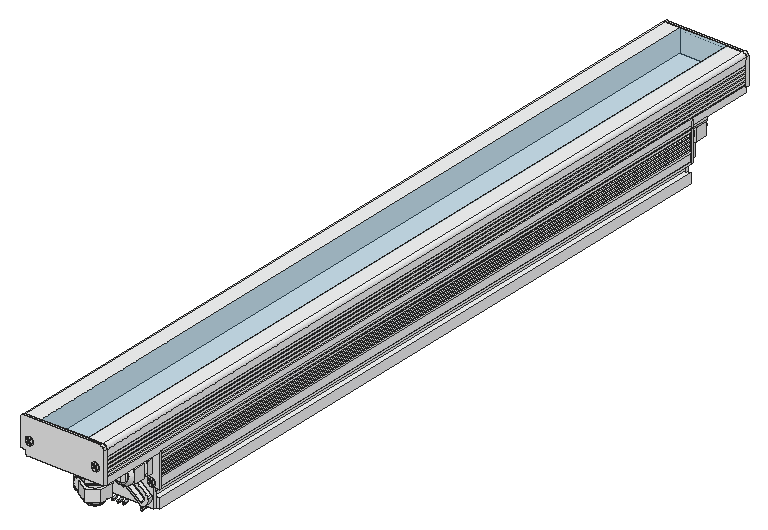
Revit family "ALS600T-AD-4RF", category Lighting Fixtures, Revit 2017 (continued)
Automatic sketch dimensions
  Extrusion 5 sketch curve to Extrusion 5 sketch curve = 0.04682"  (x2)
  Extrusion 5 sketch curve to Extrusion 5 sketch curve = 0.30685"
  Extrusion 5 sketch curve to Extrusion 5 sketch curve = 0.35367"  (x2)
  Extrusion 5 sketch curve to Extrusion 5 sketch curve = 0.15012"
  Extrusion 5 sketch curve to Extrusion 5 sketch curve = 0.23123"  (x2)
  Extrusion 5 sketch curve to Extrusion 5 sketch curve = 0.38135"  (x2)
  Extrusion 6 sketch curve to Extrusion 6 sketch curve = 0.04682"  (x2)
  Extrusion 6 sketch curve to Extrusion 6 sketch curve = 0.30685"
  Extrusion 6 sketch curve to Extrusion 6 sketch curve = 0.35367"  (x2)
  Extrusion 6 sketch curve to Extrusion 6 sketch curve = 0.15012"
  Extrusion 6 sketch curve to Extrusion 6 sketch curve = 0.23123"  (x2)
  Extrusion 6 sketch curve to Extrusion 6 sketch curve = 0.38135"  (x2)
  Revolve 7 sketch curve to Revolve 7 sketch curve = 0.00"  (x4)
  Revolve 7 sketch curve to Revolve 7 sketch curve = 0.01789"
  Revolve 7 sketch curve to Revolve 7 sketch curve = 0.01539"
  Revolve 7 sketch curve to Revolve 7 sketch curve = 0.0348"
  Revolve 7 sketch curve to Revolve 7 sketch curve = 0.07597"
  Revolve 7 sketch curve to Revolve 7 sketch curve = 0.04692"
  Revolve 7 sketch curve to Revolve 7 sketch curve = 0.10125"
  Revolve 7 sketch curve to Revolve 7 sketch curve = 0.01965"
  Revolve 7 sketch curve to Revolve 7 sketch curve = 0.04654"  (x3)
  Revolve 7 sketch curve to Revolve 7 sketch curve = 0.2091"
  Revolve 7 sketch curve to Revolve 7 sketch curve = 0.2304"
  Revolve 7 sketch curve to Revolve 7 sketch curve = 0.03193"
  Revolve 7 sketch curve to Revolve 7 sketch curve = 0.15283"
  Revolve 7 sketch curve to Revolve 7 sketch curve = 0.35"
  Revolve 7 sketch curve to Revolve 7 sketch curve = 0.00065"
  Revolve 7 sketch curve to Revolve 7 sketch curve = 0.04255"
  Revolve 7 sketch curve to Revolve 7 sketch curve = 0.03014"
  Revolve 7 sketch curve to Revolve 7 sketch curve = 0.03871"
  Revolve 7 sketch curve to Revolve 7 sketch curve = 0.03332"
  Revolve 7 sketch curve to Revolve 7 sketch curve = 0.00857"
  Revolve 7 sketch curve to Revolve 7 sketch curve = 0.15131"
  Revolve 7 sketch curve to Revolve 7 sketch curve = 0.14586"
  Revolve 7 sketch curve to Revolve 7 sketch curve = 0.02914"
  Revolve 7 sketch curve to Revolve 7 sketch curve = 0.09893"
  Revolve 7 sketch curve to Revolve 7 sketch curve = 0.28003"
  Revolve 7 sketch curve to Revolve 7 sketch curve = 0.04962"
  Extrusion 8 sketch curve to Extrusion 8 sketch curve = 0.04682"  (x2)
  Extrusion 8 sketch curve to Extrusion 8 sketch curve = 0.30685"
  Extrusion 8 sketch curve to Extrusion 8 sketch curve = 0.35367"  (x2)
  Extrusion 8 sketch curve to Extrusion 8 sketch curve = 0.15012"
  Extrusion 8 sketch curve to Extrusion 8 sketch curve = 0.23123"  (x2)
  Extrusion 8 sketch curve to Extrusion 8 sketch curve = 0.38135"  (x2)
  Extrusion 9 sketch curve to Extrusion 9 sketch curve = 0.04682"  (x2)
  Extrusion 9 sketch curve to Extrusion 9 sketch curve = 0.30685"
  Extrusion 9 sketch curve to Extrusion 9 sketch curve = 0.35367"  (x2)
  Extrusion 9 sketch curve to Extrusion 9 sketch curve = 0.15012"
  Extrusion 9 sketch curve to Extrusion 9 sketch curve = 0.23123"  (x2)
  Extrusion 9 sketch curve to Extrusion 9 sketch curve = 0.38135"  (x2)
  Revolve 10 sketch curve to Revolve 10 sketch curve = 0.00"  (x4)
  Revolve 10 sketch curve to Revolve 10 sketch curve = 0.01789"
  Revolve 10 sketch curve to Revolve 10 sketch curve = 0.01539"
  Revolve 10 sketch curve to Revolve 10 sketch curve = 0.0348"
  Revolve 10 sketch curve to Revolve 10 sketch curve = 0.07597"
  Revolve 10 sketch curve to Revolve 10 sketch curve = 0.04692"
  Revolve 10 sketch curve to Revolve 10 sketch curve = 0.10125"
  Revolve 10 sketch curve to Revolve 10 sketch curve = 0.01965"
  Revolve 10 sketch curve to Revolve 10 sketch curve = 0.04654"  (x3)
  Revolve 10 sketch curve to Revolve 10 sketch curve = 0.2091"
  Revolve 10 sketch curve to Revolve 10 sketch curve = 0.2304"
  Revolve 10 sketch curve to Revolve 10 sketch curve = 0.03193"
  Revolve 10 sketch curve to Revolve 10 sketch curve = 0.15283"
  Revolve 10 sketch curve to Revolve 10 sketch curve = 0.35"
  Revolve 10 sketch curve to Revolve 10 sketch curve = 0.00065"
  Revolve 10 sketch curve to Revolve 10 sketch curve = 0.04255"
  Revolve 10 sketch curve to Revolve 10 sketch curve = 0.03014"
  Revolve 10 sketch curve to Revolve 10 sketch curve = 0.03871"
  Revolve 10 sketch curve to Revolve 10 sketch curve = 0.03332"
  Revolve 10 sketch curve to Revolve 10 sketch curve = 0.00857"
  Revolve 10 sketch curve to Revolve 10 sketch curve = 0.15131"
  Revolve 10 sketch curve to Revolve 10 sketch curve = 0.14586"
  Revolve 10 sketch curve to Revolve 10 sketch curve = 0.02914"
  Revolve 10 sketch curve to Revolve 10 sketch curve = 0.09893"
  Revolve 10 sketch curve to Revolve 10 sketch curve = 0.28003"
  Revolve 10 sketch curve to Revolve 10 sketch curve = 0.04962"
  Extrusion 15 sketch curve to Extrusion 15 sketch curve = 0.04682"  (x2)
  Extrusion 15 sketch curve to Extrusion 15 sketch curve = 0.30685"
  Extrusion 15 sketch curve to Extrusion 15 sketch curve = 0.35367"  (x2)
  Extrusion 15 sketch curve to Extrusion 15 sketch curve = 0.15012"
  Extrusion 15 sketch curve to Extrusion 15 sketch curve = 0.23123"  (x2)
  Extrusion 15 sketch curve to Extrusion 15 sketch curve = 0.38135"  (x2)
  Extrusion 16 sketch curve to Extrusion 16 sketch curve = 0.04682"  (x2)
  Extrusion 16 sketch curve to Extrusion 16 sketch curve = 0.30685"
  Extrusion 16 sketch curve to Extrusion 16 sketch curve = 0.35367"  (x2)
  Extrusion 16 sketch curve to Extrusion 16 sketch curve = 0.15012"
  Extrusion 16 sketch curve to Extrusion 16 sketch curve = 0.23123"  (x2)
  Extrusion 16 sketch curve to Extrusion 16 sketch curve = 0.38135"  (x2)
  Revolve 17 sketch curve to Revolve 17 sketch curve = 0.00"  (x4)
  Revolve 17 sketch curve to Revolve 17 sketch curve = 0.01789"
  Revolve 17 sketch curve to Revolve 17 sketch curve = 0.01539"
  Revolve 17 sketch curve to Revolve 17 sketch curve = 0.0348"
  Revolve 17 sketch curve to Revolve 17 sketch curve = 0.07597"
  Revolve 17 sketch curve to Revolve 17 sketch curve = 0.04692"
  Revolve 17 sketch curve to Revolve 17 sketch curve = 0.10125"
  Revolve 17 sketch curve to Revolve 17 sketch curve = 0.01965"
  Revolve 17 sketch curve to Revolve 17 sketch curve = 0.04654"  (x3)
  Revolve 17 sketch curve to Revolve 17 sketch curve = 0.2091"
  Revolve 17 sketch curve to Revolve 17 sketch curve = 0.2304"
  Revolve 17 sketch curve to Revolve 17 sketch curve = 0.03193"
  Revolve 17 sketch curve to Revolve 17 sketch curve = 0.15283"
  Revolve 17 sketch curve to Revolve 17 sketch curve = 0.35"
  Revolve 17 sketch curve to Revolve 17 sketch curve = 0.00065"
  Revolve 17 sketch curve to Revolve 17 sketch curve = 0.04255"
  Revolve 17 sketch curve to Revolve 17 sketch curve = 0.03014"
  Revolve 17 sketch curve to Revolve 17 sketch curve = 0.03871"
  Revolve 17 sketch curve to Revolve 17 sketch curve = 0.03332"
  Revolve 17 sketch curve to Revolve 17 sketch curve = 0.00857"
  Revolve 17 sketch curve to Revolve 17 sketch curve = 0.15131"
  Revolve 17 sketch curve to Revolve 17 sketch curve = 0.14586"
  Revolve 17 sketch curve to Revolve 17 sketch curve = 0.02914"
  Revolve 17 sketch curve to Revolve 17 sketch curve = 0.09893"
  Revolve 17 sketch curve to Revolve 17 sketch curve = 0.28003"
  Revolve 17 sketch curve to Revolve 17 sketch curve = 0.04962"
  Extrusion 19 sketch curve to Extrusion 19 sketch curve = 0.04682"  (x2)
  Extrusion 19 sketch curve to Extrusion 19 sketch curve = 0.30685"
  Extrusion 19 sketch curve to Extrusion 19 sketch curve = 0.35367"  (x2)
  Extrusion 19 sketch curve to Extrusion 19 sketch curve = 0.15012"
  Extrusion 19 sketch curve to Extrusion 19 sketch curve = 0.23123"  (x2)
  Extrusion 19 sketch curve to Extrusion 19 sketch curve = 0.38135"  (x2)
  Extrusion 20 sketch curve to Extrusion 20 sketch curve = 0.04682"  (x2)
  Extrusion 20 sketch curve to Extrusion 20 sketch curve = 0.30685"
  Extrusion 20 sketch curve to Extrusion 20 sketch curve = 0.35367"  (x2)
  Extrusion 20 sketch curve to Extrusion 20 sketch curve = 0.15012"
  Extrusion 20 sketch curve to Extrusion 20 sketch curve = 0.23123"  (x2)
  Extrusion 20 sketch curve to Extrusion 20 sketch curve = 0.38135"  (x2)
  Revolve 21 sketch curve to Revolve 21 sketch curve = 0.00"  (x4)
  Revolve 21 sketch curve to Revolve 21 sketch curve = 0.01789"
  Revolve 21 sketch curve to Revolve 21 sketch curve = 0.01539"
  Revolve 21 sketch curve to Revolve 21 sketch curve = 0.0348"
  Revolve 21 sketch curve to Revolve 21 sketch curve = 0.07597"
  Revolve 21 sketch curve to Revolve 21 sketch curve = 0.04692"
  Revolve 21 sketch curve to Revolve 21 sketch curve = 0.10125"
  Revolve 21 sketch curve to Revolve 21 sketch curve = 0.01965"
  Revolve 21 sketch curve to Revolve 21 sketch curve = 0.04654"  (x3)
  Revolve 21 sketch curve to Revolve 21 sketch curve = 0.2091"
  Revolve 21 sketch curve to Revolve 21 sketch curve = 0.2304"
  Revolve 21 sketch curve to Revolve 21 sketch curve = 0.03193"
  Revolve 21 sketch curve to Revolve 21 sketch curve = 0.15283"
  Revolve 21 sketch curve to Revolve 21 sketch curve = 0.35"
  Revolve 21 sketch curve to Revolve 21 sketch curve = 0.00065"
  Revolve 21 sketch curve to Revolve 21 sketch curve = 0.04255"
  Revolve 21 sketch curve to Revolve 21 sketch curve = 0.03014"
  Revolve 21 sketch curve to Revolve 21 sketch curve = 0.03871"
  Revolve 21 sketch curve to Revolve 21 sketch curve = 0.03332"
  Revolve 21 sketch curve to Revolve 21 sketch curve = 0.00857"
  Revolve 21 sketch curve to Revolve 21 sketch curve = 0.15131"
  Revolve 21 sketch curve to Revolve 21 sketch curve = 0.14586"
  Revolve 21 sketch curve to Revolve 21 sketch curve = 0.02914"
  Revolve 21 sketch curve to Revolve 21 sketch curve = 0.09893"
  Revolve 21 sketch curve to Revolve 21 sketch curve = 0.28003"
  Revolve 21 sketch curve to Revolve 21 sketch curve = 0.04962"
  Extrusion 35 sketch curve to Extrusion 35 sketch curve = 0.04682"  (x2)
  Extrusion 35 sketch curve to Extrusion 35 sketch curve = 0.30685"
  Extrusion 35 sketch curve to Extrusion 35 sketch curve = 0.35367"  (x2)
  Extrusion 35 sketch curve to Extrusion 35 sketch curve = 0.15012"
  Extrusion 35 sketch curve to Extrusion 35 sketch curve = 0.23123"  (x2)
  Extrusion 35 sketch curve to Extrusion 35 sketch curve = 0.38135"  (x2)
  Extrusion 36 sketch curve to Extrusion 36 sketch curve = 0.04682"  (x2)
  Extrusion 36 sketch curve to Extrusion 36 sketch curve = 0.30685"
  Extrusion 36 sketch curve to Extrusion 36 sketch curve = 0.35367"  (x2)
  Extrusion 36 sketch curve to Extrusion 36 sketch curve = 0.15012"
  Extrusion 36 sketch curve to Extrusion 36 sketch curve = 0.23123"  (x2)
  Extrusion 36 sketch curve to Extrusion 36 sketch curve = 0.38135"  (x2)
  Revolve 37 sketch curve to Revolve 37 sketch curve = 0.00"  (x4)
  Revolve 37 sketch curve to Revolve 37 sketch curve = 0.01789"
  Revolve 37 sketch curve to Revolve 37 sketch curve = 0.01539"
  Revolve 37 sketch curve to Revolve 37 sketch curve = 0.0348"
  Revolve 37 sketch curve to Revolve 37 sketch curve = 0.07597"
  Revolve 37 sketch curve to Revolve 37 sketch curve = 0.04692"
  Revolve 37 sketch curve to Revolve 37 sketch curve = 0.10125"
  Revolve 37 sketch curve to Revolve 37 sketch curve = 0.01965"
  Revolve 37 sketch curve to Revolve 37 sketch curve = 0.04654"  (x3)
  Revolve 37 sketch curve to Revolve 37 sketch curve = 0.2091"
  Revolve 37 sketch curve to Revolve 37 sketch curve = 0.2304"
  Revolve 37 sketch curve to Revolve 37 sketch curve = 0.03193"
  Revolve 37 sketch curve to Revolve 37 sketch curve = 0.15283"
  Revolve 37 sketch curve to Revolve 37 sketch curve = 0.35"
  Revolve 37 sketch curve to Revolve 37 sketch curve = 0.00065"
  Revolve 37 sketch curve to Revolve 37 sketch curve = 0.04255"
  Revolve 37 sketch curve to Revolve 37 sketch curve = 0.03014"
  Revolve 37 sketch curve to Revolve 37 sketch curve = 0.03871"
  Revolve 37 sketch curve to Revolve 37 sketch curve = 0.03332"
  Revolve 37 sketch curve to Revolve 37 sketch curve = 0.00857"
  Revolve 37 sketch curve to Revolve 37 sketch curve = 0.15131"
  Revolve 37 sketch curve to Revolve 37 sketch curve = 0.14586"
  Revolve 37 sketch curve to Revolve 37 sketch curve = 0.02914"
  Revolve 37 sketch curve to Revolve 37 sketch curve = 0.09893"
  Revolve 37 sketch curve to Revolve 37 sketch curve = 0.28003"
  Revolve 37 sketch curve to Revolve 37 sketch curve = 0.04962"
  Extrusion 39 sketch curve to Extrusion 39 sketch curve = 0.04682"  (x2)
  Extrusion 39 sketch curve to Extrusion 39 sketch curve = 0.30685"
  Extrusion 39 sketch curve to Extrusion 39 sketch curve = 0.35367"  (x2)
  Extrusion 39 sketch curve to Extrusion 39 sketch curve = 0.15012"
  Extrusion 39 sketch curve to Extrusion 39 sketch curve = 0.23123"  (x2)
  Extrusion 39 sketch curve to Extrusion 39 sketch curve = 0.38135"  (x2)
  Extrusion 40 sketch curve to Extrusion 40 sketch curve = 0.04682"  (x2)
  Extrusion 40 sketch curve to Extrusion 40 sketch curve = 0.30685"
  Extrusion 40 sketch curve to Extrusion 40 sketch curve = 0.35367"  (x2)
  Extrusion 40 sketch curve to Extrusion 40 sketch curve = 0.15012"
  Extrusion 40 sketch curve to Extrusion 40 sketch curve = 0.23123"  (x2)
  Extrusion 40 sketch curve to Extrusion 40 sketch curve = 0.38135"  (x2)
  Revolve 41 sketch curve to Revolve 41 sketch curve = 0.00"  (x4)
  Revolve 41 sketch curve to Revolve 41 sketch curve = 0.01789"
  Revolve 41 sketch curve to Revolve 41 sketch curve = 0.01539"
  Revolve 41 sketch curve to Revolve 41 sketch curve = 0.0348"
  Revolve 41 sketch curve to Revolve 41 sketch curve = 0.07597"
  Revolve 41 sketch curve to Revolve 41 sketch curve = 0.04692"
  Revolve 41 sketch curve to Revolve 41 sketch curve = 0.10125"
  Revolve 41 sketch curve to Revolve 41 sketch curve = 0.01965"
  Revolve 41 sketch curve to Revolve 41 sketch curve = 0.04654"  (x3)
  Revolve 41 sketch curve to Revolve 41 sketch curve = 0.2091"
  Revolve 41 sketch curve to Revolve 41 sketch curve = 0.2304"
  Revolve 41 sketch curve to Revolve 41 sketch curve = 0.03193"
  Revolve 41 sketch curve to Revolve 41 sketch curve = 0.15283"
  Revolve 41 sketch curve to Revolve 41 sketch curve = 0.35"
  Revolve 41 sketch curve to Revolve 41 sketch curve = 0.00065"
  Revolve 41 sketch curve to Revolve 41 sketch curve = 0.04255"
  Revolve 41 sketch curve to Revolve 41 sketch curve = 0.03014"
  Revolve 41 sketch curve to Revolve 41 sketch curve = 0.03871"
  Revolve 41 sketch curve to Revolve 41 sketch curve = 0.03332"
  Revolve 41 sketch curve to Revolve 41 sketch curve = 0.00857"
  Revolve 41 sketch curve to Revolve 41 sketch curve = 0.15131"
  Revolve 41 sketch curve to Revolve 41 sketch curve = 0.14586"
  Revolve 41 sketch curve to Revolve 41 sketch curve = 0.02914"
  Revolve 41 sketch curve to Revolve 41 sketch curve = 0.09893"
  Revolve 41 sketch curve to Revolve 41 sketch curve = 0.28003"
  Revolve 41 sketch curve to Revolve 41 sketch curve = 0.04962"
  Extrusion 42 sketch curve to Extrusion 42 sketch curve = 0.04682"  (x2)
  Extrusion 42 sketch curve to Extrusion 42 sketch curve = 0.30685"
  Extrusion 42 sketch curve to Extrusion 42 sketch curve = 0.35367"  (x2)
  Extrusion 42 sketch curve to Extrusion 42 sketch curve = 0.15012"
  Extrusion 42 sketch curve to Extrusion 42 sketch curve = 0.23123"  (x2)
  Extrusion 42 sketch curve to Extrusion 42 sketch curve = 0.38135"  (x2)
  Extrusion 43 sketch curve to Extrusion 43 sketch curve = 0.04682"  (x2)
  Extrusion 43 sketch curve to Extrusion 43 sketch curve = 0.30685"
  Extrusion 43 sketch curve to Extrusion 43 sketch curve = 0.35367"  (x2)
  Extrusion 43 sketch curve to Extrusion 43 sketch curve = 0.15012"
  Extrusion 43 sketch curve to Extrusion 43 sketch curve = 0.23123"  (x2)
  Extrusion 43 sketch curve to Extrusion 43 sketch curve = 0.38135"  (x2)
  Revolve 44 sketch curve to Revolve 44 sketch curve = 0.00"  (x4)
  Revolve 44 sketch curve to Revolve 44 sketch curve = 0.01789"
  Revolve 44 sketch curve to Revolve 44 sketch curve = 0.01539"
  Revolve 44 sketch curve to Revolve 44 sketch curve = 0.0348"
  Revolve 44 sketch curve to Revolve 44 sketch curve = 0.07597"
  Revolve 44 sketch curve to Revolve 44 sketch curve = 0.04692"
  Revolve 44 sketch curve to Revolve 44 sketch curve = 0.10125"
  Revolve 44 sketch curve to Revolve 44 sketch curve = 0.01965"
  Revolve 44 sketch curve to Revolve 44 sketch curve = 0.04654"  (x3)
  Revolve 44 sketch curve to Revolve 44 sketch curve = 0.2091"
  Revolve 44 sketch curve to Revolve 44 sketch curve = 0.2304"
  Revolve 44 sketch curve to Revolve 44 sketch curve = 0.03193"
  Revolve 44 sketch curve to Revolve 44 sketch curve = 0.15283"
  Revolve 44 sketch curve to Revolve 44 sketch curve = 0.35"
  Revolve 44 sketch curve to Revolve 44 sketch curve = 0.00065"
  Revolve 44 sketch curve to Revolve 44 sketch curve = 0.04255"
  Revolve 44 sketch curve to Revolve 44 sketch curve = 0.03014"
  Revolve 44 sketch curve to Revolve 44 sketch curve = 0.03871"
  Revolve 44 sketch curve to Revolve 44 sketch curve = 0.03332"
  Revolve 44 sketch curve to Revolve 44 sketch curve = 0.00857"
  Revolve 44 sketch curve to Revolve 44 sketch curve = 0.15131"
  Revolve 44 sketch curve to Revolve 44 sketch curve = 0.14586"
  Revolve 44 sketch curve to Revolve 44 sketch curve = 0.02914"
  Revolve 44 sketch curve to Revolve 44 sketch curve = 0.09893"
  Revolve 44 sketch curve to Revolve 44 sketch curve = 0.28003"
  Revolve 44 sketch curve to Revolve 44 sketch curve = 0.04962"
  Extrusion 46 sketch curve to Extrusion 46 sketch curve = 0.04682"  (x2)
  Extrusion 46 sketch curve to Extrusion 46 sketch curve = 0.30685"
  Extrusion 46 sketch curve to Extrusion 46 sketch curve = 0.35367"  (x2)
  Extrusion 46 sketch curve to Extrusion 46 sketch curve = 0.15012"
  Extrusion 46 sketch curve to Extrusion 46 sketch curve = 0.23123"  (x2)
  Extrusion 46 sketch curve to Extrusion 46 sketch curve = 0.38135"  (x2)
  Extrusion 47 sketch curve to Extrusion 47 sketch curve = 0.04682"  (x2)
  Extrusion 47 sketch curve to Extrusion 47 sketch curve = 0.30685"
  Extrusion 47 sketch curve to Extrusion 47 sketch curve = 0.35367"  (x2)
  Extrusion 47 sketch curve to Extrusion 47 sketch curve = 0.15012"
  Extrusion 47 sketch curve to Extrusion 47 sketch curve = 0.23123"  (x2)
  Extrusion 47 sketch curve to Extrusion 47 sketch curve = 0.38135"  (x2)
  Revolve 48 sketch curve to Revolve 48 sketch curve = 0.00"  (x4)
  Revolve 48 sketch curve to Revolve 48 sketch curve = 0.01789"
  Revolve 48 sketch curve to Revolve 48 sketch curve = 0.01539"
  Revolve 48 sketch curve to Revolve 48 sketch curve = 0.0348"
  Revolve 48 sketch curve to Revolve 48 sketch curve = 0.07597"
  Revolve 48 sketch curve to Revolve 48 sketch curve = 0.04692"
  Revolve 48 sketch curve to Revolve 48 sketch curve = 0.10125"
  Revolve 48 sketch curve to Revolve 48 sketch curve = 0.01965"
  Revolve 48 sketch curve to Revolve 48 sketch curve = 0.04654"  (x3)
  Revolve 48 sketch curve to Revolve 48 sketch curve = 0.2091"
  Revolve 48 sketch curve to Revolve 48 sketch curve = 0.2304"
  Revolve 48 sketch curve to Revolve 48 sketch curve = 0.03193"
  Revolve 48 sketch curve to Revolve 48 sketch curve = 0.15283"
  Revolve 48 sketch curve to Revolve 48 sketch curve = 0.35"
  Revolve 48 sketch curve to Revolve 48 sketch curve = 0.00065"
  Revolve 48 sketch curve to Revolve 48 sketch curve = 0.04255"
  Revolve 48 sketch curve to Revolve 48 sketch curve = 0.03014"
  Revolve 48 sketch curve to Revolve 48 sketch curve = 0.03871"
  Revolve 48 sketch curve to Revolve 48 sketch curve = 0.03332"
  Revolve 48 sketch curve to Revolve 48 sketch curve = 0.00857"
  Revolve 48 sketch curve to Revolve 48 sketch curve = 0.15131"
  Revolve 48 sketch curve to Revolve 48 sketch curve = 0.14586"
  Revolve 48 sketch curve to Revolve 48 sketch curve = 0.02914"
  Revolve 48 sketch curve to Revolve 48 sketch curve = 0.09893"
  Revolve 48 sketch curve to Revolve 48 sketch curve = 0.28003"
  Revolve 48 sketch curve to Revolve 48 sketch curve = 0.04962"
  Extrusion 71 sketch curve to Extrusion 71 sketch curve = 0.04682"  (x2)
  Extrusion 71 sketch curve to Extrusion 71 sketch curve = 0.30685"
  Extrusion 71 sketch curve to Extrusion 71 sketch curve = 0.35367"  (x2)
  Extrusion 71 sketch curve to Extrusion 71 sketch curve = 0.15012"
  Extrusion 71 sketch curve to Extrusion 71 sketch curve = 0.23123"  (x2)
  Extrusion 71 sketch curve to Extrusion 71 sketch curve = 0.38135"  (x2)
  Extrusion 72 sketch curve to Extrusion 72 sketch curve = 0.04682"  (x2)
  Extrusion 72 sketch curve to Extrusion 72 sketch curve = 0.30685"
  Extrusion 72 sketch curve to Extrusion 72 sketch curve = 0.35367"  (x2)
  Extrusion 72 sketch curve to Extrusion 72 sketch curve = 0.15012"
  Extrusion 72 sketch curve to Extrusion 72 sketch curve = 0.23123"  (x2)
  Extrusion 72 sketch curve to Extrusion 72 sketch curve = 0.38135"  (x2)
  Revolve 73 sketch curve to Revolve 73 sketch curve = 0.00"  (x4)
  Revolve 73 sketch curve to Revolve 73 sketch curve = 0.01789"
  Revolve 73 sketch curve to Revolve 73 sketch curve = 0.01539"
  Revolve 73 sketch curve to Revolve 73 sketch curve = 0.0348"
  Revolve 73 sketch curve to Revolve 73 sketch curve = 0.07597"
  Revolve 73 sketch curve to Revolve 73 sketch curve = 0.04692"
  Revolve 73 sketch curve to Revolve 73 sketch curve = 0.10125"
  Revolve 73 sketch curve to Revolve 73 sketch curve = 0.01965"
  Revolve 73 sketch curve to Revolve 73 sketch curve = 0.04654"  (x3)
  Revolve 73 sketch curve to Revolve 73 sketch curve = 0.2091"
  Revolve 73 sketch curve to Revolve 73 sketch curve = 0.2304"
  Revolve 73 sketch curve to Revolve 73 sketch curve = 0.03193"
  Revolve 73 sketch curve to Revolve 73 sketch curve = 0.15283"
  Revolve 73 sketch curve to Revolve 73 sketch curve = 0.35"
  Revolve 73 sketch curve to Revolve 73 sketch curve = 0.00065"
  Revolve 73 sketch curve to Revolve 73 sketch curve = 0.04255"
  Revolve 73 sketch curve to Revolve 73 sketch curve = 0.03014"
  Revolve 73 sketch curve to Revolve 73 sketch curve = 0.03871"
  Revolve 73 sketch curve to Revolve 73 sketch curve = 0.03332"
  Revolve 73 sketch curve to Revolve 73 sketch curve = 0.00857"
  Revolve 73 sketch curve to Revolve 73 sketch curve = 0.15131"
  Revolve 73 sketch curve to Revolve 73 sketch curve = 0.14586"
  Revolve 73 sketch curve to Revolve 73 sketch curve = 0.02914"
  Revolve 73 sketch curve to Revolve 73 sketch curve = 0.09893"
  Revolve 73 sketch curve to Revolve 73 sketch curve = 0.28003"
  Revolve 73 sketch curve to Revolve 73 sketch curve = 0.04962"
  Extrusion 75 sketch curve to Extrusion 75 sketch curve = 0.04682"  (x2)
  Extrusion 75 sketch curve to Extrusion 75 sketch curve = 0.30685"
  Extrusion 75 sketch curve to Extrusion 75 sketch curve = 0.35367"  (x2)
  Extrusion 75 sketch curve to Extrusion 75 sketch curve = 0.15012"
  Extrusion 75 sketch curve to Extrusion 75 sketch curve = 0.23123"  (x2)
  Extrusion 75 sketch curve to Extrusion 75 sketch curve = 0.38135"  (x2)
  Extrusion 76 sketch curve to Extrusion 76 sketch curve = 0.04682"  (x2)
  Extrusion 76 sketch curve to Extrusion 76 sketch curve = 0.30685"
  Extrusion 76 sketch curve to Extrusion 76 sketch curve = 0.35367"  (x2)
  Extrusion 76 sketch curve to Extrusion 76 sketch curve = 0.15012"
  Extrusion 76 sketch curve to Extrusion 76 sketch curve = 0.23123"  (x2)
  Extrusion 76 sketch curve to Extrusion 76 sketch curve = 0.38135"  (x2)
  Revolve 77 sketch curve to Revolve 77 sketch curve = 0.00"  (x4)
  Revolve 77 sketch curve to Revolve 77 sketch curve = 0.01789"
  Revolve 77 sketch curve to Revolve 77 sketch curve = 0.01539"
  Revolve 77 sketch curve to Revolve 77 sketch curve = 0.0348"
  Revolve 77 sketch curve to Revolve 77 sketch curve = 0.07597"
  Revolve 77 sketch curve to Revolve 77 sketch curve = 0.04692"
  Revolve 77 sketch curve to Revolve 77 sketch curve = 0.10125"
  Revolve 77 sketch curve to Revolve 77 sketch curve = 0.01965"
  Revolve 77 sketch curve to Revolve 77 sketch curve = 0.04654"  (x3)
  Revolve 77 sketch curve to Revolve 77 sketch curve = 0.2091"
  Revolve 77 sketch curve to Revolve 77 sketch curve = 0.2304"
  Revolve 77 sketch curve to Revolve 77 sketch curve = 0.03193"
  Revolve 77 sketch curve to Revolve 77 sketch curve = 0.15283"
  Revolve 77 sketch curve to Revolve 77 sketch curve = 0.35"
  Revolve 77 sketch curve to Revolve 77 sketch curve = 0.00065"
  Revolve 77 sketch curve to Revolve 77 sketch curve = 0.04255"
  Revolve 77 sketch curve to Revolve 77 sketch curve = 0.03014"
  Revolve 77 sketch curve to Revolve 77 sketch curve = 0.03871"
  Revolve 77 sketch curve to Revolve 77 sketch curve = 0.03332"
  Revolve 77 sketch curve to Revolve 77 sketch curve = 0.00857"
  Revolve 77 sketch curve to Revolve 77 sketch curve = 0.15131"
  Revolve 77 sketch curve to Revolve 77 sketch curve = 0.14586"
  Revolve 77 sketch curve to Revolve 77 sketch curve = 0.02914"
  Revolve 77 sketch curve to Revolve 77 sketch curve = 0.09893"
  Revolve 77 sketch curve to Revolve 77 sketch curve = 0.28003"
  Revolve 77 sketch curve to Revolve 77 sketch curve = 0.04962"
  Extrusion 78 sketch curve to Extrusion 78 sketch curve = 0.04682"  (x2)
  Extrusion 78 sketch curve to Extrusion 78 sketch curve = 0.30685"
  Extrusion 78 sketch curve to Extrusion 78 sketch curve = 0.35367"  (x2)
  Extrusion 78 sketch curve to Extrusion 78 sketch curve = 0.15012"
  Extrusion 78 sketch curve to Extrusion 78 sketch curve = 0.23123"  (x2)
  Extrusion 78 sketch curve to Extrusion 78 sketch curve = 0.38135"  (x2)
  Extrusion 79 sketch curve to Extrusion 79 sketch curve = 0.04682"  (x2)
  Extrusion 79 sketch curve to Extrusion 79 sketch curve = 0.30685"
  Extrusion 79 sketch curve to Extrusion 79 sketch curve = 0.35367"  (x2)
  Extrusion 79 sketch curve to Extrusion 79 sketch curve = 0.15012"
  Extrusion 79 sketch curve to Extrusion 79 sketch curve = 0.23123"  (x2)
  Extrusion 79 sketch curve to Extrusion 79 sketch curve = 0.38135"  (x2)
  Revolve 80 sketch curve to Revolve 80 sketch curve = 0.00"  (x4)
  Revolve 80 sketch curve to Revolve 80 sketch curve = 0.01789"
  Revolve 80 sketch curve to Revolve 80 sketch curve = 0.01539"
  Revolve 80 sketch curve to Revolve 80 sketch curve = 0.0348"
  Revolve 80 sketch curve to Revolve 80 sketch curve = 0.07597"
  Revolve 80 sketch curve to Revolve 80 sketch curve = 0.04692"
  Revolve 80 sketch curve to Revolve 80 sketch curve = 0.10125"
  Revolve 80 sketch curve to Revolve 80 sketch curve = 0.01965"
  Revolve 80 sketch curve to Revolve 80 sketch curve = 0.04654"  (x3)
  Revolve 80 sketch curve to Revolve 80 sketch curve = 0.2091"
  Revolve 80 sketch curve to Revolve 80 sketch curve = 0.2304"
  Revolve 80 sketch curve to Revolve 80 sketch curve = 0.03193"
  Revolve 80 sketch curve to Revolve 80 sketch curve = 0.15283"
  Revolve 80 sketch curve to Revolve 80 sketch curve = 0.35"
  Revolve 80 sketch curve to Revolve 80 sketch curve = 0.00065"
  Revolve 80 sketch curve to Revolve 80 sketch curve = 0.04255"
  Revolve 80 sketch curve to Revolve 80 sketch curve = 0.03014"
  Revolve 80 sketch curve to Revolve 80 sketch curve = 0.03871"
  Revolve 80 sketch curve to Revolve 80 sketch curve = 0.03332"
  Revolve 80 sketch curve to Revolve 80 sketch curve = 0.00857"
  Revolve 80 sketch curve to Revolve 80 sketch curve = 0.15131"
  Revolve 80 sketch curve to Revolve 80 sketch curve = 0.14586"
  Revolve 80 sketch curve to Revolve 80 sketch curve = 0.02914"
  Revolve 80 sketch curve to Revolve 80 sketch curve = 0.09893"
  Revolve 80 sketch curve to Revolve 80 sketch curve = 0.28003"
  Revolve 80 sketch curve to Revolve 80 sketch curve = 0.04962"
  Extrusion 82 sketch curve to Extrusion 82 sketch curve = 0.04682"  (x2)
  Extrusion 82 sketch curve to Extrusion 82 sketch curve = 0.30685"
  Extrusion 82 sketch curve to Extrusion 82 sketch curve = 0.35367"  (x2)
  Extrusion 82 sketch curve to Extrusion 82 sketch curve = 0.15012"
  Extrusion 82 sketch curve to Extrusion 82 sketch curve = 0.23123"  (x2)
  Extrusion 82 sketch curve to Extrusion 82 sketch curve = 0.38135"  (x2)
  Extrusion 83 sketch curve to Extrusion 83 sketch curve = 0.04682"  (x2)
  Extrusion 83 sketch curve to Extrusion 83 sketch curve = 0.30685"
  Extrusion 83 sketch curve to Extrusion 83 sketch curve = 0.35367"  (x2)
  Extrusion 83 sketch curve to Extrusion 83 sketch curve = 0.15012"
  Extrusion 83 sketch curve to Extrusion 83 sketch curve = 0.23123"  (x2)
  Extrusion 83 sketch curve to Extrusion 83 sketch curve = 0.38135"  (x2)
  Revolve 84 sketch curve to Revolve 84 sketch curve = 0.00"  (x4)
  Revolve 84 sketch curve to Revolve 84 sketch curve = 0.01789"
  Revolve 84 sketch curve to Revolve 84 sketch curve = 0.01539"
  Revolve 84 sketch curve to Revolve 84 sketch curve = 0.0348"
  Revolve 84 sketch curve to Revolve 84 sketch curve = 0.07597"
  Revolve 84 sketch curve to Revolve 84 sketch curve = 0.04692"
  Revolve 84 sketch curve to Revolve 84 sketch curve = 0.10125"
  Revolve 84 sketch curve to Revolve 84 sketch curve = 0.01965"
  Revolve 84 sketch curve to Revolve 84 sketch curve = 0.04654"  (x3)
  Revolve 84 sketch curve to Revolve 84 sketch curve = 0.2091"
  Revolve 84 sketch curve to Revolve 84 sketch curve = 0.2304"
  Revolve 84 sketch curve to Revolve 84 sketch curve = 0.03193"
  Revolve 84 sketch curve to Revolve 84 sketch curve = 0.15283"
  Revolve 84 sketch curve to Revolve 84 sketch curve = 0.35"
  Revolve 84 sketch curve to Revolve 84 sketch curve = 0.00065"
  Revolve 84 sketch curve to Revolve 84 sketch curve = 0.04255"
  Revolve 84 sketch curve to Revolve 84 sketch curve = 0.03014"
  Revolve 84 sketch curve to Revolve 84 sketch curve = 0.03871"
  Revolve 84 sketch curve to Revolve 84 sketch curve = 0.03332"
  Revolve 84 sketch curve to Revolve 84 sketch curve = 0.00857"
  Revolve 84 sketch curve to Revolve 84 sketch curve = 0.15131"
  Revolve 84 sketch curve to Revolve 84 sketch curve = 0.14586"
  Revolve 84 sketch curve to Revolve 84 sketch curve = 0.02914"
  Revolve 84 sketch curve to Revolve 84 sketch curve = 0.09893"
  Revolve 84 sketch curve to Revolve 84 sketch curve = 0.28003"
  Revolve 84 sketch curve to Revolve 84 sketch curve = 0.04962"
  Extrusion 132 sketch curve to Extrusion 132 sketch curve = 0.04682"  (x2)
  Extrusion 132 sketch curve to Extrusion 132 sketch curve = 0.30685"
  Extrusion 132 sketch curve to Extrusion 132 sketch curve = 0.35367"  (x2)
  Extrusion 132 sketch curve to Extrusion 132 sketch curve = 0.15012"
  Extrusion 132 sketch curve to Extrusion 132 sketch curve = 0.23123"  (x2)
  Extrusion 132 sketch curve to Extrusion 132 sketch curve = 0.38135"  (x2)
  Extrusion 133 sketch curve to Extrusion 133 sketch curve = 0.04682"  (x2)
  Extrusion 133 sketch curve to Extrusion 133 sketch curve = 0.30685"
  Extrusion 133 sketch curve to Extrusion 133 sketch curve = 0.35367"  (x2)
  Extrusion 133 sketch curve to Extrusion 133 sketch curve = 0.15012"
  Extrusion 133 sketch curve to Extrusion 133 sketch curve = 0.23123"  (x2)
  Extrusion 133 sketch curve to Extrusion 133 sketch curve = 0.38135"  (x2)
  Revolve 134 sketch curve to Revolve 134 sketch curve = 0.00"  (x4)
  Revolve 134 sketch curve to Revolve 134 sketch curve = 0.01789"
  Revolve 134 sketch curve to Revolve 134 sketch curve = 0.01539"
  Revolve 134 sketch curve to Revolve 134 sketch curve = 0.0348"
  Revolve 134 sketch curve to Revolve 134 sketch curve = 0.07597"
  Revolve 134 sketch curve to Revolve 134 sketch curve = 0.04692"
  Revolve 134 sketch curve to Revolve 134 sketch curve = 0.10125"
  Revolve 134 sketch curve to Revolve 134 sketch curve = 0.01965"
  Revolve 134 sketch curve to Revolve 134 sketch curve = 0.04654"  (x3)
  Revolve 134 sketch curve to Revolve 134 sketch curve = 0.2091"
  Revolve 134 sketch curve to Revolve 134 sketch curve = 0.2304"
  Revolve 134 sketch curve to Revolve 134 sketch curve = 0.03193"
  Revolve 134 sketch curve to Revolve 134 sketch curve = 0.15283"
  Revolve 134 sketch curve to Revolve 134 sketch curve = 0.35"
  Revolve 134 sketch curve to Revolve 134 sketch curve = 0.00065"
  Revolve 134 sketch curve to Revolve 134 sketch curve = 0.04255"
  Revolve 134 sketch curve to Revolve 134 sketch curve = 0.03014"
  Revolve 134 sketch curve to Revolve 134 sketch curve = 0.03871"
  Revolve 134 sketch curve to Revolve 134 sketch curve = 0.03332"
  Revolve 134 sketch curve to Revolve 134 sketch curve = 0.00857"
  Revolve 134 sketch curve to Revolve 134 sketch curve = 0.15131"
  Revolve 134 sketch curve to Revolve 134 sketch curve = 0.14586"
  Revolve 134 sketch curve to Revolve 134 sketch curve = 0.02914"
  Revolve 134 sketch curve to Revolve 134 sketch curve = 0.09893"
  Revolve 134 sketch curve to Revolve 134 sketch curve = 0.28003"
  Revolve 134 sketch curve to Revolve 134 sketch curve = 0.04962"
  Extrusion 135 sketch curve to Extrusion 135 sketch curve = 0.04682"  (x2)
  Extrusion 135 sketch curve to Extrusion 135 sketch curve = 0.30685"
  Extrusion 135 sketch curve to Extrusion 135 sketch curve = 0.35367"  (x2)
  Extrusion 135 sketch curve to Extrusion 135 sketch curve = 0.15012"
  Extrusion 135 sketch curve to Extrusion 135 sketch curve = 0.23123"  (x2)
  Extrusion 135 sketch curve to Extrusion 135 sketch curve = 0.38135"  (x2)
  Extrusion 136 sketch curve to Extrusion 136 sketch curve = 0.04682"  (x2)
  Extrusion 136 sketch curve to Extrusion 136 sketch curve = 0.30685"
  Extrusion 136 sketch curve to Extrusion 136 sketch curve = 0.35367"  (x2)
  Extrusion 136 sketch curve to Extrusion 136 sketch curve = 0.15012"
  Extrusion 136 sketch curve to Extrusion 136 sketch curve = 0.23123"  (x2)
  Extrusion 136 sketch curve to Extrusion 136 sketch curve = 0.38135"  (x2)
  Revolve 137 sketch curve to Revolve 137 sketch curve = 0.00"  (x4)
  Revolve 137 sketch curve to Revolve 137 sketch curve = 0.01789"
  Revolve 137 sketch curve to Revolve 137 sketch curve = 0.01539"
  Revolve 137 sketch curve to Revolve 137 sketch curve = 0.0348"
  Revolve 137 sketch curve to Revolve 137 sketch curve = 0.07597"
  Revolve 137 sketch curve to Revolve 137 sketch curve = 0.04692"
  Revolve 137 sketch curve to Revolve 137 sketch curve = 0.10125"
  Revolve 137 sketch curve to Revolve 137 sketch curve = 0.01965"
  Revolve 137 sketch curve to Revolve 137 sketch curve = 0.04654"  (x3)
  Revolve 137 sketch curve to Revolve 137 sketch curve = 0.2091"
  Revolve 137 sketch curve to Revolve 137 sketch curve = 0.2304"
  Revolve 137 sketch curve to Revolve 137 sketch curve = 0.03193"
  Revolve 137 sketch curve to Revolve 137 sketch curve = 0.15283"
  Revolve 137 sketch curve to Revolve 137 sketch curve = 0.35"
  Revolve 137 sketch curve to Revolve 137 sketch curve = 0.00065"
  Revolve 137 sketch curve to Revolve 137 sketch curve = 0.04255"
  Revolve 137 sketch curve to Revolve 137 sketch curve = 0.03014"
  Revolve 137 sketch curve to Revolve 137 sketch curve = 0.03871"
  Revolve 137 sketch curve to Revolve 137 sketch curve = 0.03332"
  Revolve 137 sketch curve to Revolve 137 sketch curve = 0.00857"
  Revolve 137 sketch curve to Revolve 137 sketch curve = 0.15131"
  Revolve 137 sketch curve to Revolve 137 sketch curve = 0.14586"
  Revolve 137 sketch curve to Revolve 137 sketch curve = 0.02914"
  Revolve 137 sketch curve to Revolve 137 sketch curve = 0.09893"
  Revolve 137 sketch curve to Revolve 137 sketch curve = 0.28003"
  Revolve 137 sketch curve to Revolve 137 sketch curve = 0.04962"
  Extrusion 139 sketch curve to Extrusion 139 sketch curve = 0.04682"  (x2)
  Extrusion 139 sketch curve to Extrusion 139 sketch curve = 0.30685"
  Extrusion 139 sketch curve to Extrusion 139 sketch curve = 0.35367"  (x2)
  Extrusion 139 sketch curve to Extrusion 139 sketch curve = 0.15012"
  Extrusion 139 sketch curve to Extrusion 139 sketch curve = 0.23123"  (x2)
  Extrusion 139 sketch curve to Extrusion 139 sketch curve = 0.38135"  (x2)
  Extrusion 140 sketch curve to Extrusion 140 sketch curve = 0.04682"  (x2)
  Extrusion 140 sketch curve to Extrusion 140 sketch curve = 0.30685"
  Extrusion 140 sketch curve to Extrusion 140 sketch curve = 0.35367"  (x2)
  Extrusion 140 sketch curve to Extrusion 140 sketch curve = 0.15012"
  Extrusion 140 sketch curve to Extrusion 140 sketch curve = 0.23123"  (x2)
  Extrusion 140 sketch curve to Extrusion 140 sketch curve = 0.38135"  (x2)
  Revolve 141 sketch curve to Revolve 141 sketch curve = 0.00"  (x4)
  Revolve 141 sketch curve to Revolve 141 sketch curve = 0.01789"
  Revolve 141 sketch curve to Revolve 141 sketch curve = 0.01539"
  Revolve 141 sketch curve to Revolve 141 sketch curve = 0.0348"
  Revolve 141 sketch curve to Revolve 141 sketch curve = 0.07597"
  Revolve 141 sketch curve to Revolve 141 sketch curve = 0.04692"
  Revolve 141 sketch curve to Revolve 141 sketch curve = 0.10125"
  Revolve 141 sketch curve to Revolve 141 sketch curve = 0.01965"
  Revolve 141 sketch curve to Revolve 141 sketch curve = 0.04654"  (x3)
  Revolve 141 sketch curve to Revolve 141 sketch curve = 0.2091"
  Revolve 141 sketch curve to Revolve 141 sketch curve = 0.2304"
  Revolve 141 sketch curve to Revolve 141 sketch curve = 0.03193"
  Revolve 141 sketch curve to Revolve 141 sketch curve = 0.15283"
  Revolve 141 sketch curve to Revolve 141 sketch curve = 0.35"
  Revolve 141 sketch curve to Revolve 141 sketch curve = 0.00065"
  Revolve 141 sketch curve to Revolve 141 sketch curve = 0.04255"
  Revolve 141 sketch curve to Revolve 141 sketch curve = 0.03014"
  Revolve 141 sketch curve to Revolve 141 sketch curve = 0.03871"
  Revolve 141 sketch curve to Revolve 141 sketch curve = 0.03332"
  Revolve 141 sketch curve to Revolve 141 sketch curve = 0.00857"
  Revolve 141 sketch curve to Revolve 141 sketch curve = 0.15131"
  Revolve 141 sketch curve to Revolve 141 sketch curve = 0.14586"
  Revolve 141 sketch curve to Revolve 141 sketch curve = 0.02914"
  Revolve 141 sketch curve to Revolve 141 sketch curve = 0.09893"
  Revolve 141 sketch curve to Revolve 141 sketch curve = 0.28003"
  Revolve 141 sketch curve to Revolve 141 sketch curve = 0.04962"
  Extrusion 165 sketch curve to Extrusion 165 sketch curve = 0.04682"  (x2)
  Extrusion 165 sketch curve to Extrusion 165 sketch curve = 0.30685"
  Extrusion 165 sketch curve to Extrusion 165 sketch curve = 0.35367"  (x2)
  Extrusion 165 sketch curve to Extrusion 165 sketch curve = 0.15012"
  Extrusion 165 sketch curve to Extrusion 165 sketch curve = 0.23123"  (x2)
  Extrusion 165 sketch curve to Extrusion 165 sketch curve = 0.38135"  (x2)
  Extrusion 166 sketch curve to Extrusion 166 sketch curve = 0.04682"  (x2)
  Extrusion 166 sketch curve to Extrusion 166 sketch curve = 0.30685"
  Extrusion 166 sketch curve to Extrusion 166 sketch curve = 0.35367"  (x2)
  Extrusion 166 sketch curve to Extrusion 166 sketch curve = 0.15012"
  Extrusion 166 sketch curve to Extrusion 166 sketch curve = 0.23123"  (x2)
  Extrusion 166 sketch curve to Extrusion 166 sketch curve = 0.38135"  (x2)
  Revolve 167 sketch curve to Revolve 167 sketch curve = 0.00"  (x4)
  Revolve 167 sketch curve to Revolve 167 sketch curve = 0.01789"
  Revolve 167 sketch curve to Revolve 167 sketch curve = 0.01539"
  Revolve 167 sketch curve to Revolve 167 sketch curve = 0.0348"
  Revolve 167 sketch curve to Revolve 167 sketch curve = 0.07597"
  Revolve 167 sketch curve to Revolve 167 sketch curve = 0.04692"
  Revolve 167 sketch curve to Revolve 167 sketch curve = 0.10125"
  Revolve 167 sketch curve to Revolve 167 sketch curve = 0.01965"
  Revolve 167 sketch curve to Revolve 167 sketch curve = 0.04654"  (x3)
  Revolve 167 sketch curve to Revolve 167 sketch curve = 0.2091"
  Revolve 167 sketch curve to Revolve 167 sketch curve = 0.2304"
  Revolve 167 sketch curve to Revolve 167 sketch curve = 0.03193"
  Revolve 167 sketch curve to Revolve 167 sketch curve = 0.15283"
  Revolve 167 sketch curve to Revolve 167 sketch curve = 0.35"
  Revolve 167 sketch curve to Revolve 167 sketch curve = 0.00065"
  Revolve 167 sketch curve to Revolve 167 sketch curve = 0.04255"
  Revolve 167 sketch curve to Revolve 167 sketch curve = 0.03014"
  Revolve 167 sketch curve to Revolve 167 sketch curve = 0.03871"
  Revolve 167 sketch curve to Revolve 167 sketch curve = 0.03332"
  Revolve 167 sketch curve to Revolve 167 sketch curve = 0.00857"
  Revolve 167 sketch curve to Revolve 167 sketch curve = 0.15131"
  Revolve 167 sketch curve to Revolve 167 sketch curve = 0.14586"
  Revolve 167 sketch curve to Revolve 167 sketch curve = 0.02914"
  Revolve 167 sketch curve to Revolve 167 sketch curve = 0.09893"
  Revolve 167 sketch curve to Revolve 167 sketch curve = 0.28003"
  Revolve 167 sketch curve to Revolve 167 sketch curve = 0.04962"
  Extrusion 168 sketch curve to Extrusion 168 sketch curve = 0.04682"  (x2)
  Extrusion 168 sketch curve to Extrusion 168 sketch curve = 0.30685"
  Extrusion 168 sketch curve to Extrusion 168 sketch curve = 0.35367"  (x2)
  Extrusion 168 sketch curve to Extrusion 168 sketch curve = 0.15012"
  Extrusion 168 sketch curve to Extrusion 168 sketch curve = 0.23123"  (x2)
  Extrusion 168 sketch curve to Extrusion 168 sketch curve = 0.38135"  (x2)
  Extrusion 169 sketch curve to Extrusion 169 sketch curve = 0.04682"  (x2)
  Extrusion 169 sketch curve to Extrusion 169 sketch curve = 0.30685"
  Extrusion 169 sketch curve to Extrusion 169 sketch curve = 0.35367"  (x2)
  Extrusion 169 sketch curve to Extrusion 169 sketch curve = 0.15012"
  Extrusion 169 sketch curve to Extrusion 169 sketch curve = 0.23123"  (x2)
  Extrusion 169 sketch curve to Extrusion 169 sketch curve = 0.38135"  (x2)
  Revolve 170 sketch curve to Revolve 170 sketch curve = 0.00"  (x4)
  Revolve 170 sketch curve to Revolve 170 sketch curve = 0.01789"
  Revolve 170 sketch curve to Revolve 170 sketch curve = 0.01539"
  Revolve 170 sketch curve to Revolve 170 sketch curve = 0.0348"
  Revolve 170 sketch curve to Revolve 170 sketch curve = 0.07597"
  Revolve 170 sketch curve to Revolve 170 sketch curve = 0.04692"
  Revolve 170 sketch curve to Revolve 170 sketch curve = 0.10125"
  Revolve 170 sketch curve to Revolve 170 sketch curve = 0.01965"
  Revolve 170 sketch curve to Revolve 170 sketch curve = 0.04654"  (x3)
  Revolve 170 sketch curve to Revolve 170 sketch curve = 0.2091"
  Revolve 170 sketch curve to Revolve 170 sketch curve = 0.2304"
  Revolve 170 sketch curve to Revolve 170 sketch curve = 0.03193"
  Revolve 170 sketch curve to Revolve 170 sketch curve = 0.15283"
  Revolve 170 sketch curve to Revolve 170 sketch curve = 0.35"
  Revolve 170 sketch curve to Revolve 170 sketch curve = 0.00065"
  Revolve 170 sketch curve to Revolve 170 sketch curve = 0.04255"
  Revolve 170 sketch curve to Revolve 170 sketch curve = 0.03014"
  Revolve 170 sketch curve to Revolve 170 sketch curve = 0.03871"
  Revolve 170 sketch curve to Revolve 170 sketch curve = 0.03332"
  Revolve 170 sketch curve to Revolve 170 sketch curve = 0.00857"
  Revolve 170 sketch curve to Revolve 170 sketch curve = 0.15131"
  Revolve 170 sketch curve to Revolve 170 sketch curve = 0.14586"
  Revolve 170 sketch curve to Revolve 170 sketch curve = 0.02914"
  Revolve 170 sketch curve to Revolve 170 sketch curve = 0.09893"
  Revolve 170 sketch curve to Revolve 170 sketch curve = 0.28003"
  Revolve 170 sketch curve to Revolve 170 sketch curve = 0.04962"
  Extrusion 172 sketch curve to Extrusion 172 sketch curve = 0.04682"  (x2)
  Extrusion 172 sketch curve to Extrusion 172 sketch curve = 0.30685"
  Extrusion 172 sketch curve to Extrusion 172 sketch curve = 0.35367"  (x2)
  Extrusion 172 sketch curve to Extrusion 172 sketch curve = 0.15012"
  Extrusion 172 sketch curve to Extrusion 172 sketch curve = 0.23123"  (x2)
  Extrusion 172 sketch curve to Extrusion 172 sketch curve = 0.38135"  (x2)
  Extrusion 173 sketch curve to Extrusion 173 sketch curve = 0.04682"  (x2)
  Extrusion 173 sketch curve to Extrusion 173 sketch curve = 0.30685"
  Extrusion 173 sketch curve to Extrusion 173 sketch curve = 0.35367"  (x2)
  Extrusion 173 sketch curve to Extrusion 173 sketch curve = 0.15012"
  Extrusion 173 sketch curve to Extrusion 173 sketch curve = 0.23123"  (x2)
  Extrusion 173 sketch curve to Extrusion 173 sketch curve = 0.38135"  (x2)
  Revolve 174 sketch curve to Revolve 174 sketch curve = 0.00"  (x4)
  Revolve 174 sketch curve to Revolve 174 sketch curve = 0.01789"
  Revolve 174 sketch curve to Revolve 174 sketch curve = 0.01539"
  Revolve 174 sketch curve to Revolve 174 sketch curve = 0.0348"
  Revolve 174 sketch curve to Revolve 174 sketch curve = 0.07597"
  Revolve 174 sketch curve to Revolve 174 sketch curve = 0.04692"
  Revolve 174 sketch curve to Revolve 174 sketch curve = 0.10125"
  Revolve 174 sketch curve to Revolve 174 sketch curve = 0.01965"
  Revolve 174 sketch curve to Revolve 174 sketch curve = 0.04654"  (x3)
  Revolve 174 sketch curve to Revolve 174 sketch curve = 0.2091"
  Revolve 174 sketch curve to Revolve 174 sketch curve = 0.2304"
  Revolve 174 sketch curve to Revolve 174 sketch curve = 0.03193"
  Revolve 174 sketch curve to Revolve 174 sketch curve = 0.15283"
  Revolve 174 sketch curve to Revolve 174 sketch curve = 0.35"
  Revolve 174 sketch curve to Revolve 174 sketch curve = 0.00065"
  Revolve 174 sketch curve to Revolve 174 sketch curve = 0.04255"
  Revolve 174 sketch curve to Revolve 174 sketch curve = 0.03014"
  Revolve 174 sketch curve to Revolve 174 sketch curve = 0.03871"
  Revolve 174 sketch curve to Revolve 174 sketch curve = 0.03332"
  Revolve 174 sketch curve to Revolve 174 sketch curve = 0.00857"
  Revolve 174 sketch curve to Revolve 174 sketch curve = 0.15131"
  Revolve 174 sketch curve to Revolve 174 sketch curve = 0.14586"
  Revolve 174 sketch curve to Revolve 174 sketch curve = 0.02914"
  Revolve 174 sketch curve to Revolve 174 sketch curve = 0.09893"
  Revolve 174 sketch curve to Revolve 174 sketch curve = 0.28003"
  Revolve 174 sketch curve to Revolve 174 sketch curve = 0.04962"
  Extrusion 197 sketch curve to Extrusion 197 sketch curve = 0.04682"  (x2)
  Extrusion 197 sketch curve to Extrusion 197 sketch curve = 0.30685"
  Extrusion 197 sketch curve to Extrusion 197 sketch curve = 0.35367"  (x2)
  Extrusion 197 sketch curve to Extrusion 197 sketch curve = 0.15012"
  Extrusion 197 sketch curve to Extrusion 197 sketch curve = 0.23123"  (x2)
  Extrusion 197 sketch curve to Extrusion 197 sketch curve = 0.38135"  (x2)
  Extrusion 198 sketch curve to Extrusion 198 sketch curve = 0.04682"  (x2)
  Extrusion 198 sketch curve to Extrusion 198 sketch curve = 0.30685"
  Extrusion 198 sketch curve to Extrusion 198 sketch curve = 0.35367"  (x2)
  Extrusion 198 sketch curve to Extrusion 198 sketch curve = 0.15012"
  Extrusion 198 sketch curve to Extrusion 198 sketch curve = 0.23123"  (x2)
  Extrusion 198 sketch curve to Extrusion 198 sketch curve = 0.38135"  (x2)
  Revolve 199 sketch curve to Revolve 199 sketch curve = 0.00"  (x4)
  Revolve 199 sketch curve to Revolve 199 sketch curve = 0.01789"
  Revolve 199 sketch curve to Revolve 199 sketch curve = 0.01539"
  Revolve 199 sketch curve to Revolve 199 sketch curve = 0.0348"
  Revolve 199 sketch curve to Revolve 199 sketch curve = 0.07597"
  Revolve 199 sketch curve to Revolve 199 sketch curve = 0.04692"
  Revolve 199 sketch curve to Revolve 199 sketch curve = 0.10125"
  Revolve 199 sketch curve to Revolve 199 sketch curve = 0.01965"
  Revolve 199 sketch curve to Revolve 199 sketch curve = 0.04654"  (x3)
  Revolve 199 sketch curve to Revolve 199 sketch curve = 0.2091"
  Revolve 199 sketch curve to Revolve 199 sketch curve = 0.2304"
  Revolve 199 sketch curve to Revolve 199 sketch curve = 0.03193"
  Revolve 199 sketch curve to Revolve 199 sketch curve = 0.15283"
  Revolve 199 sketch curve to Revolve 199 sketch curve = 0.35"
  Revolve 199 sketch curve to Revolve 199 sketch curve = 0.00065"
  Revolve 199 sketch curve to Revolve 199 sketch curve = 0.04255"
  Revolve 199 sketch curve to Revolve 199 sketch curve = 0.03014"
  Revolve 199 sketch curve to Revolve 199 sketch curve = 0.03871"
  Revolve 199 sketch curve to Revolve 199 sketch curve = 0.03332"
  Revolve 199 sketch curve to Revolve 199 sketch curve = 0.00857"
  Revolve 199 sketch curve to Revolve 199 sketch curve = 0.15131"
  Revolve 199 sketch curve to Revolve 199 sketch curve = 0.14586"
  Revolve 199 sketch curve to Revolve 199 sketch curve = 0.02914"
  Revolve 199 sketch curve to Revolve 199 sketch curve = 0.09893"
  Revolve 199 sketch curve to Revolve 199 sketch curve = 0.28003"
  Revolve 199 sketch curve to Revolve 199 sketch curve = 0.04962"
  Extrusion 201 sketch curve to Extrusion 201 sketch curve = 0.04682"  (x2)
  Extrusion 201 sketch curve to Extrusion 201 sketch curve = 0.30685"
  Extrusion 201 sketch curve to Extrusion 201 sketch curve = 0.35367"  (x2)
  Extrusion 201 sketch curve to Extrusion 201 sketch curve = 0.15012"
  Extrusion 201 sketch curve to Extrusion 201 sketch curve = 0.23123"  (x2)
  Extrusion 201 sketch curve to Extrusion 201 sketch curve = 0.38135"  (x2)
  Extrusion 202 sketch curve to Extrusion 202 sketch curve = 0.04682"  (x2)
  Extrusion 202 sketch curve to Extrusion 202 sketch curve = 0.30685"
  Extrusion 202 sketch curve to Extrusion 202 sketch curve = 0.35367"  (x2)
  Extrusion 202 sketch curve to Extrusion 202 sketch curve = 0.15012"
  Extrusion 202 sketch curve to Extrusion 202 sketch curve = 0.23123"  (x2)
  Extrusion 202 sketch curve to Extrusion 202 sketch curve = 0.38135"  (x2)
  Revolve 203 sketch curve to Revolve 203 sketch curve = 0.00"  (x4)
  Revolve 203 sketch curve to Revolve 203 sketch curve = 0.01789"
  Revolve 203 sketch curve to Revolve 203 sketch curve = 0.01539"
  Revolve 203 sketch curve to Revolve 203 sketch curve = 0.0348"
  Revolve 203 sketch curve to Revolve 203 sketch curve = 0.07597"
  Revolve 203 sketch curve to Revolve 203 sketch curve = 0.04692"
  Revolve 203 sketch curve to Revolve 203 sketch curve = 0.10125"
  Revolve 203 sketch curve to Revolve 203 sketch curve = 0.01965"
  Revolve 203 sketch curve to Revolve 203 sketch curve = 0.04654"  (x3)
  Revolve 203 sketch curve to Revolve 203 sketch curve = 0.2091"
  Revolve 203 sketch curve to Revolve 203 sketch curve = 0.2304"
  Revolve 203 sketch curve to Revolve 203 sketch curve = 0.03193"
  Revolve 203 sketch curve to Revolve 203 sketch curve = 0.15283"
  Revolve 203 sketch curve to Revolve 203 sketch curve = 0.35"
  Revolve 203 sketch curve to Revolve 203 sketch curve = 0.00065"
  Revolve 203 sketch curve to Revolve 203 sketch curve = 0.04255"
  Revolve 203 sketch curve to Revolve 203 sketch curve = 0.03014"
  Revolve 203 sketch curve to Revolve 203 sketch curve = 0.03871"
  Revolve 203 sketch curve to Revolve 203 sketch curve = 0.03332"
  Revolve 203 sketch curve to Revolve 203 sketch curve = 0.00857"
  Revolve 203 sketch curve to Revolve 203 sketch curve = 0.15131"
  Revolve 203 sketch curve to Revolve 203 sketch curve = 0.14586"
  Revolve 203 sketch curve to Revolve 203 sketch curve = 0.02914"
  Revolve 203 sketch curve to Revolve 203 sketch curve = 0.09893"
  Revolve 203 sketch curve to Revolve 203 sketch curve = 0.28003"
  Revolve 203 sketch curve to Revolve 203 sketch curve = 0.04962"
  Extrusion 204 sketch curve to Extrusion 204 sketch curve = 0.04682"  (x2)
  Extrusion 204 sketch curve to Extrusion 204 sketch curve = 0.30685"
  Extrusion 204 sketch curve to Extrusion 204 sketch curve = 0.35367"  (x2)
  Extrusion 204 sketch curve to Extrusion 204 sketch curve = 0.15012"
  Extrusion 204 sketch curve to Extrusion 204 sketch curve = 0.23123"  (x2)
  Extrusion 204 sketch curve to Extrusion 204 sketch curve = 0.38135"  (x2)
  Extrusion 205 sketch curve to Extrusion 205 sketch curve = 0.04682"  (x2)
  Extrusion 205 sketch curve to Extrusion 205 sketch curve = 0.30685"
  Extrusion 205 sketch curve to Extrusion 205 sketch curve = 0.35367"  (x2)
  Extrusion 205 sketch curve to Extrusion 205 sketch curve = 0.15012"
  Extrusion 205 sketch curve to Extrusion 205 sketch curve = 0.23123"  (x2)
  Extrusion 205 sketch curve to Extrusion 205 sketch curve = 0.38135"  (x2)
  Revolve 206 sketch curve to Revolve 206 sketch curve = 0.00"  (x4)
  Revolve 206 sketch curve to Revolve 206 sketch curve = 0.01789"
  Revolve 206 sketch curve to Revolve 206 sketch curve = 0.01539"
  Revolve 206 sketch curve to Revolve 206 sketch curve = 0.0348"
  Revolve 206 sketch curve to Revolve 206 sketch curve = 0.07597"
  Revolve 206 sketch curve to Revolve 206 sketch curve = 0.04692"
  Revolve 206 sketch curve to Revolve 206 sketch curve = 0.10125"
  Revolve 206 sketch curve to Revolve 206 sketch curve = 0.01965"
  Revolve 206 sketch curve to Revolve 206 sketch curve = 0.04654"  (x3)
  Revolve 206 sketch curve to Revolve 206 sketch curve = 0.2091"
  Revolve 206 sketch curve to Revolve 206 sketch curve = 0.2304"
  Revolve 206 sketch curve to Revolve 206 sketch curve = 0.03193"
  Revolve 206 sketch curve to Revolve 206 sketch curve = 0.15283"
  Revolve 206 sketch curve to Revolve 206 sketch curve = 0.35"
  Revolve 206 sketch curve to Revolve 206 sketch curve = 0.00065"
  Revolve 206 sketch curve to Revolve 206 sketch curve = 0.04255"
  Revolve 206 sketch curve to Revolve 206 sketch curve = 0.03014"
  Revolve 206 sketch curve to Revolve 206 sketch curve = 0.03871"
  Revolve 206 sketch curve to Revolve 206 sketch curve = 0.03332"
  Revolve 206 sketch curve to Revolve 206 sketch curve = 0.00857"
  Revolve 206 sketch curve to Revolve 206 sketch curve = 0.15131"
  Revolve 206 sketch curve to Revolve 206 sketch curve = 0.14586"
  Revolve 206 sketch curve to Revolve 206 sketch curve = 0.02914"
  Revolve 206 sketch curve to Revolve 206 sketch curve = 0.09893"
  Revolve 206 sketch curve to Revolve 206 sketch curve = 0.28003"
  Revolve 206 sketch curve to Revolve 206 sketch curve = 0.04962"
  Extrusion 208 sketch curve to Extrusion 208 sketch curve = 0.04682"  (x2)
  Extrusion 208 sketch curve to Extrusion 208 sketch curve = 0.30685"
  Extrusion 208 sketch curve to Extrusion 208 sketch curve = 0.35367"  (x2)
  Extrusion 208 sketch curve to Extrusion 208 sketch curve = 0.15012"
  Extrusion 208 sketch curve to Extrusion 208 sketch curve = 0.23123"  (x2)
  Extrusion 208 sketch curve to Extrusion 208 sketch curve = 0.38135"  (x2)
  Extrusion 209 sketch curve to Extrusion 209 sketch curve = 0.04682"  (x2)
  Extrusion 209 sketch curve to Extrusion 209 sketch curve = 0.30685"
  Extrusion 209 sketch curve to Extrusion 209 sketch curve = 0.35367"  (x2)
  Extrusion 209 sketch curve to Extrusion 209 sketch curve = 0.15012"
  Extrusion 209 sketch curve to Extrusion 209 sketch curve = 0.23123"  (x2)
  Extrusion 209 sketch curve to Extrusion 209 sketch curve = 0.38135"  (x2)
  Revolve 210 sketch curve to Revolve 210 sketch curve = 0.00"  (x4)
  Revolve 210 sketch curve to Revolve 210 sketch curve = 0.01789"
  Revolve 210 sketch curve to Revolve 210 sketch curve = 0.01539"
  Revolve 210 sketch curve to Revolve 210 sketch curve = 0.0348"
  Revolve 210 sketch curve to Revolve 210 sketch curve = 0.07597"
  Revolve 210 sketch curve to Revolve 210 sketch curve = 0.04692"
  Revolve 210 sketch curve to Revolve 210 sketch curve = 0.10125"
  Revolve 210 sketch curve to Revolve 210 sketch curve = 0.01965"
  Revolve 210 sketch curve to Revolve 210 sketch curve = 0.04654"  (x3)
  Revolve 210 sketch curve to Revolve 210 sketch curve = 0.2091"
  Revolve 210 sketch curve to Revolve 210 sketch curve = 0.2304"
  Revolve 210 sketch curve to Revolve 210 sketch curve = 0.03193"
  Revolve 210 sketch curve to Revolve 210 sketch curve = 0.15283"
  Revolve 210 sketch curve to Revolve 210 sketch curve = 0.35"
  Revolve 210 sketch curve to Revolve 210 sketch curve = 0.00065"
  Revolve 210 sketch curve to Revolve 210 sketch curve = 0.04255"
  Revolve 210 sketch curve to Revolve 210 sketch curve = 0.03014"
  Revolve 210 sketch curve to Revolve 210 sketch curve = 0.03871"
  Revolve 210 sketch curve to Revolve 210 sketch curve = 0.03332"
  Revolve 210 sketch curve to Revolve 210 sketch curve = 0.00857"
  Revolve 210 sketch curve to Revolve 210 sketch curve = 0.15131"
  Revolve 210 sketch curve to Revolve 210 sketch curve = 0.14586"
  Revolve 210 sketch curve to Revolve 210 sketch curve = 0.02914"
  Revolve 210 sketch curve to Revolve 210 sketch curve = 0.09893"
  Revolve 210 sketch curve to Revolve 210 sketch curve = 0.28003"
  Revolve 210 sketch curve to Revolve 210 sketch curve = 0.04962"
  Extrusion 233 sketch curve to Extrusion 233 sketch curve = 0.04682"  (x2)
  Extrusion 233 sketch curve to Extrusion 233 sketch curve = 0.30685"
  Extrusion 233 sketch curve to Extrusion 233 sketch curve = 0.35367"  (x2)
  Extrusion 233 sketch curve to Extrusion 233 sketch curve = 0.15012"
  Extrusion 233 sketch curve to Extrusion 233 sketch curve = 0.23123"  (x2)
  Extrusion 233 sketch curve to Extrusion 233 sketch curve = 0.38135"  (x2)
  Extrusion 234 sketch curve to Extrusion 234 sketch curve = 0.04682"  (x2)
  Extrusion 234 sketch curve to Extrusion 234 sketch curve = 0.30685"
  Extrusion 234 sketch curve to Extrusion 234 sketch curve = 0.35367"  (x2)
  Extrusion 234 sketch curve to Extrusion 234 sketch curve = 0.15012"
